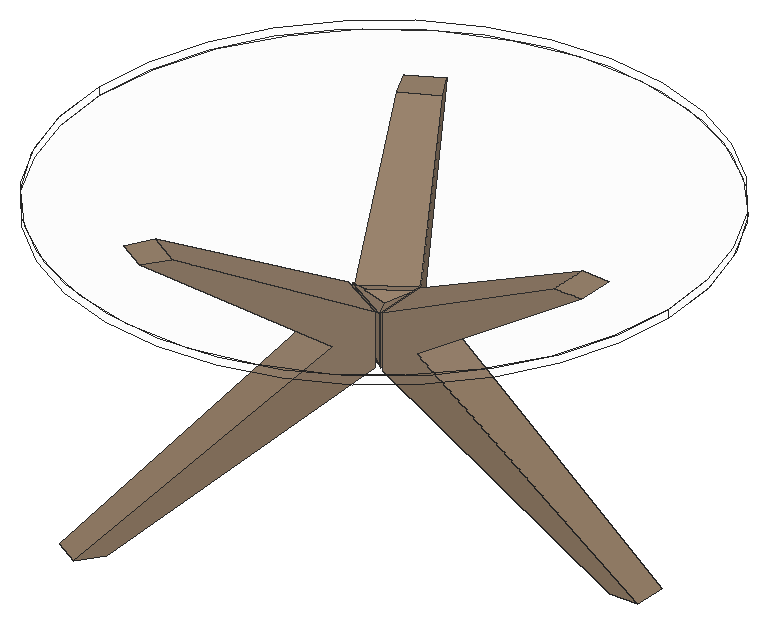
Revit family "Conica", category Мебель, Revit 2017
Family settings
  Номер OmniClass = 23.40.20.00
  Заголовок OmniClass = General Furniture and Specialties
  На основе рабочей плоскости = Нет
  Всегда вертикально = Да
  При загрузке вырезать с полостями = Нет
  Общий = Нет
  Точка расчета площади = Нет
Parameters (values of type "LB-605")
  URL = "http://file-system.ru/catalog/zdaniya_i_sooruzheniya/interer/mebel/_conica_lb_605_skandiform_stol/"
  Комментарии к типоразмеру = "Created by Astacus AB"
  Группа модели = "LB-605"
  Изготовитель = "Skandiform AB"
  Ключевая пометка = "XBE.1"
  Описание = "Table in solid oak or walnut. Stained oak as option. Table top in tempered smoked glass."
  Leg = Skandiform Wood Oak
Reference planes
  plane 1 "Center (Front/Back)": y = 0
  plane 2: z = 0
  plane 3 "Center (Left/Right)": x = 0
Forms (mm)
  Extrusion 1, solid, material "Skandiform Glass"
    sketch origin (0, 0, 0) x (1, 0, 0) y (0, 1, 0)
      loop
        circle (0, 0) r 399.025
    from 358 to 370
  Extrusion 2, solid, material "Skandiform Wood Oak" <- "Leg"
    sketch origin (30.747, 19.599, 0) x (-0.501888, 0.864933, 0) y (0, 0, 1)
      loop
        line (71.02, 214.67) -> (294.539, 358) -> (255.927, 358) -> (-1.603, 238.64) -> (-1.603, 193.156) -> (332.185, 0) -> (370.796, 0) -> (71.02, 214.67)
    from -73.042 to 0
  Extrusion 3, void
    sketch origin (0, 0, 0) x (1, 0, 0) y (0, 1, 0)
      loop
        line (-40.69, -1.063) -> (-209.639, 322.927) -> (-227.373, 313.68) -> (-44.545, -9.467) -> (27.043, 36.36) -> (-152.073, 352.946) -> (-174.176, 341.42) -> (20.136, 37.875) -> (-40.69, -1.063)
    from -32.754 to 391.647
  Extrusion 4, solid, material "Skandiform Wood Oak" <- "Leg"
    sketch origin (1.374, -36.159, 0) x (0.999998, 0.002182, 0) y (0, 0, 1)
      loop
        line (71.02, 214.67) -> (294.539, 358) -> (255.927, 358) -> (-1.603, 238.64) -> (-1.603, 193.156) -> (332.185, 0) -> (370.796, 0) -> (71.02, 214.67)
    from -73.042 to 0
  Extrusion 5, void
    sketch origin (-0.226, 0.268, 0) x (-0.5, -0.866025, 0) y (0.866025, -0.5, 0)
      loop
        line (-42.432, 2.277) -> (-209.639, 322.927) -> (-227.373, 313.68) -> (-47.011, -5.109) -> (24.577, 40.718) -> (-152.073, 352.946) -> (-174.176, 341.42) -> (18.113, 41.034) -> (-42.432, 2.277)
    from -32.754 to 358
  Extrusion 6, solid, material "Skandiform Wood Oak" <- "Leg"
    sketch origin (-33.521, 17.237, 0) x (-0.49811, -0.867114, 0) y (0, 0, 1)
      loop
        line (71.02, 214.67) -> (294.539, 358) -> (255.927, 358) -> (-1.603, 238.64) -> (-1.603, 193.156) -> (332.185, 0) -> (370.796, 0) -> (71.02, 214.67)
    from -73.042 to 0
  Extrusion 7, void
    sketch origin (-1.175, 0.409, 0) x (-0.5, 0.866025, 0) y (-0.866025, -0.5, 0)
      loop
        line (-42.913, 3.2) -> (-209.639, 322.927) -> (-227.373, 313.68) -> (-46.581, -5.869) -> (25.007, 39.958) -> (-152.073, 352.946) -> (-174.176, 341.42) -> (17.554, 41.908) -> (-42.913, 3.2)
    from -32.754 to 358
Cuts and joins
  Extrusion 3, Extrusion 5, Extrusion 7 cuts Extrusion 2
  Extrusion 5, Extrusion 7 cuts Extrusion 1
  Extrusion 5, Extrusion 7 cuts Extrusion 4
  Extrusion 7 cuts Extrusion 6
Lines and regions (mm)
  Masking region 1
    outline origin (0, 0, 0) x (1, 0, 0) y (0, 1, 0)
      loop
        circle (0, 0) r 399.025
Dimensions and locks
  aligned and locked: level to plane 2
